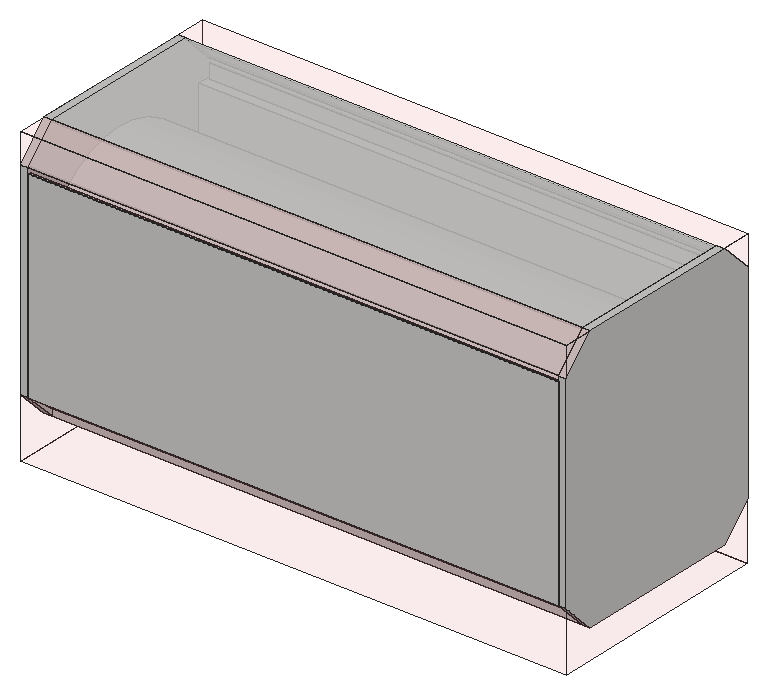
Revit family "Air-Curtain_Customer-Entry_PoweredAire_CED", category Mechanical Equipment, host Face, Revit 2019
Family settings
  Host = Face
  Round Connector Dimension = Use Diameter
  Part Type = Normal
  OmniClass Number = 23.75.35.17.21
  OmniClass Title = Air Curtains
  Cut with Voids When Loaded = No
  Shared = No
  Room Calculation Point = No
Parameters
  Warranty Duration (Years) = 0
  Unit Width Notes = "Other Widths available."  # constant formula
  Unit Width = 3' - 0"
  Unit Weight = 0
  Unit Height = 1' - 3"
  Unit Depth = 1' - 5 1/2"
  URL = "http://www.poweredaire.com/"
  Test Data = ""
  Temperature Rise_Range = "as Specified"
  Standards Conformance = "as Specified"
  Specification = "http://www.arcat.com/sdspecs/htm04/23_34_33pai.htm"
  SpecWizard = ""
  Sound Pressure = "as Specified"
  Sales Information = "http://www.poweredaire.com/contact_us"
  Revision = "R1_2016-08"
  Projection from Host [instance] = 0' - 2"
  Product Properties = ""
  Product Data = "http://www.arcat.com/arcatcos/cos47/arc47623.html"
  Power Rating = 0 W
  Outlet Volume_Range = "as Specified"
  Outlet Velocity_Range = "as Specified"
  Nozzle Width = if(1 = 1, Unit Width - 0' 1", 0' 0")  # 2' - 11"
  Mounting Width = if(1 = 1, Unit Width - 0' 0 15/16", 0' 0")  # 2' - 11 1/16"
  Mounting Height [instance] = 3' - 6"
  Motor RPM = 0
  Motor HP = 0
  Motor Count = 0
  Model = "As Specified"
  Max Height = 0' - 0"
  Manufacturer Website = "http://www.poweredaire.com/"
  Manufacturer Phone - Toll Free = "888-321-2473"
  Manufacturer Phone = "724-588-3305"
  Manufacturer Fax = "724-588-3371"
  Manufacturer Address = "109 Mortensen Rd.  Greenville, PA 16125"
  Manufacturer = "Powered Aire, Inc"
  Maintenance Schedule (Months) = 0
  Keynote = "23 34 33"
  Installation-Fabrication = ""
  Installation Phase = ""
  Include Clearance [instance] = yes
  Heating Element Load = 0 W
  HVAC_Temperature Rise [instance] = 0 °F
  HVAC_Outlet Volume [instance] = 0 CFM
  HVAC_Outlet Velocity Uniformity = 0
  HVAC_Outlet Velocity [instance] = 0 FPM
  Green Building-LEED = "http://www.arcat.com/green/clients/leed_data_47623.html"
  Front Grating Material [instance] = Metal - Steel - PoweredAire - Stainless 304 Perforated
  Frame Finish [instance] = Metal - Steel - PoweredAire - Stainless 304
  Expected Lifespan (Years) = 0
  Electrical_Wattage [instance] = Power Rating + Heating Element Load  # 0 W
  Electrical_Voltage [instance] = 0 V
  Electrical_Phase [instance] = 1
  Electrical_Frequency [instance] = 0 Hz
  Electrical_Amperage [instance] = 0 A
  Drawn By = "Sumex Design, Inc. / Robert S. Weygant, CSI, CDT, SCIP"
  Description = "Powered Aire Air Curtain as Specified"
  Default Elevation = 0' - 0"  # constant formula
  Copyright = "©Arcat Inc."
  Construction Details = "http://www.arcat.com/details/powair/prod3336.html"
  Clearance_Top [instance] = 0' - 0"
  Clearance_Side B [instance] = 0' - 0"
  Clearance_Side A [instance] = 0' - 0"
  Clearance_Intake [instance] = 0' - 0"
  Clearance_Bottom [instance] = 0' - 0"
  Clearance Material [instance] = ARCAT Clearance
  Building Codes = ""
  Available Options [instance] = "as Specified"
  Assembly Code = "D3090400"
Reference planes (in)
  plane 1 "Center (Elevation)": y = 0.13818
  plane 2: z = 0
  plane 3 "Center (Left/Right)": x = 0
  plane 4: y = 7.63818
  plane 5: y = -7.36182
  plane 6: x = -18
  plane 7: x = 18
  plane 8: z = 19.5
  plane 9 "FF": y = -41.86182
  plane 10: z = 2
  plane 11: x = 17.5
  plane 12: x = -17.5
  plane 13: y = 7.63818
  plane 14: y = -7.36182
  plane 15: x = -18
  plane 16: x = 18
  plane 17: z = 19.5
Forms (in)
  Extrusion 1, solid, material "Metal - Steel - PoweredAire - Stainless 304" <- "Frame Finish"
    sketch origin (0, 0, 0) x (0, 1, 0) y (0, 0, 1)
      loop
        line (5.69363, 2) -> (7.63818, 3.94454) -> (7.63818, 17.55546) -> (5.69363, 19.5) -> (-5.41728, 19.5) -> (-7.36182, 17.55546) -> (-7.36182, 3.94454) -> (-5.41728, 2) -> (5.69363, 2)
    from 17.5 to 18
  Extrusion 2, solid, material "Metal - Steel - PoweredAire - Stainless 304" <- "Frame Finish"
    sketch origin (0, 0, -0.5) x (0, 1, 0) y (0, 0, 1)
      loop
        circle (0.13818, 10.9739) r 6.25
      loop
        line (6.63818, 16.89427) -> (6.63818, 5.87829) -> (7.33849, 5.87829) -> (7.33849, 16.89427) -> (6.63818, 16.89427)
      loop
        line (-7.02798, 16.76927) -> (-7.02798, 5.75329) -> (-6.36182, 5.75329) -> (-6.36182, 16.76927) -> (-7.02798, 16.76927)
    from -17.5 to 17.5
  Extrusion 3, solid, material "Metal - Steel - PoweredAire - Stainless 304" <- "Frame Finish"
    sketch origin (0, 0, 0) x (0, 1, 0) y (0, 0, -1)
      loop
        line (5.69363, -2) -> (-5.41728, -2) -> (-7.36182, -3.94454) -> (-7.36182, -17.55546) -> (-5.41728, -19.5) -> (5.69363, -19.5) -> (7.63818, -17.55546) -> (7.63818, -3.94454) -> (5.69363, -2)
    from 17.5 to 18
  Extrusion 4, solid, material "Metal - Steel - PoweredAire - Stainless 304" <- "Frame Finish"
    sketch origin (0, 0, 0) x (0, 1, 0) y (0, 0, 1)
      loop
        line (-5.41728, 2) -> (5.69363, 2) -> (7.63818, 3.94454) -> (7.63818, 17.19454) -> (7.51318, 17.19454) -> (7.51318, 3.99632) -> (5.64186, 2.125) -> (-5.29228, 2.125) -> (-5.29228, 4.06954) -> (-7.23682, 4.06954) -> (-7.23682, 17.19454) -> (-7.36182, 17.19454) -> (-7.36182, 3.94454) -> (-5.41728, 3.94454) -> (-5.41728, 2)
      loop
        line (-6.64819, 3.61034) -> (-5.8702, 2.83235) -> (-5.74472, 2.95783) -> (-6.52271, 3.73583) -> (-6.64819, 3.61034)
    from -17.5 to 17.5
  Extrusion 5, solid, material "Metal - Steel - PoweredAire - Stainless 304 Perforated" <- "Front Grating Material"
    sketch origin (0, 0, 0) x (0, 1, 0) y (0, 0, 1)
      loop
        line (-7.36182, 17.19454) -> (-7.23682, 17.19454) -> (-7.23682, 17.50368) -> (-5.3655, 19.375) -> (5.64186, 19.375) -> (7.51318, 17.50368) -> (7.51318, 17.19454) -> (7.63818, 17.19454) -> (7.63818, 17.55546) -> (5.69363, 19.5) -> (-5.41728, 19.5) -> (-7.36182, 17.55546) -> (-7.36182, 17.19454)
    from -17.5 to 17.5
  Extrusion 6, solid, material "ARCAT Clearance" <- "Clearance Material", visible <- "Include Clearance"
    sketch origin (0, 0, 0) x (0, 1, 0) y (0, 0, 1)
      loop
        line (-7.36182, 19.5) -> (-7.36182, 0) -> (7.63818, 0) -> (7.63818, 19.5) -> (-7.36182, 19.5)
    from -18 to 18
Dimensions and locks (in)
  equal spacing: plane 4, plane 1 "Center (Elevation)", plane 5
  "Unit Height": plane 4 to plane 5
  equal spacing: plane 6, plane 3 "Center (Left/Right)", plane 7
  "Unit Width": plane 6 to plane 7
  "Mounting Height": plane 1 "Center (Elevation)" to plane 9 "FF"
  "Projection from Host": plane 10 to level
  "Unit Depth": plane 8 to plane 10
  locked: plane 6 to plane 12 at 0.5
  locked: plane 11 to plane 7 at 0.5
  "Clearance_Side A": plane 7 to plane 16
  "Clearance_Side B": plane 15 to plane 6
  "Clearance_Top": plane 13 to plane 4
  "Clearance_Bottom": plane 5 to plane 14
  "Clearance_Intake": plane 17 to plane 8
  aligned and locked: plane 2 to host face
  aligned and locked: level to host face
  aligned and locked: plane 7 to Extrusion 1
  aligned and locked: Extrusion 1 to plane 11
  aligned and locked: plane 12 to Extrusion 3
  aligned and locked: Extrusion 3 to plane 6
  aligned and locked: Extrusion 2 to plane 12
  aligned and locked: plane 11 to Extrusion 2
  aligned and locked: plane 11 to Extrusion 4
  aligned and locked: Extrusion 4 to plane 12
  aligned and locked: plane 11 to Extrusion 5
  aligned and locked: Extrusion 5 to plane 12
  aligned and locked: Extrusion 6 sketch curve to plane 17
  aligned and locked: plane 14 to Extrusion 6 sketch curve
  aligned and locked: level to Extrusion 6 sketch curve
  aligned and locked: Extrusion 6 sketch curve to plane 13
  aligned and locked: plane 16 to Extrusion 6
  aligned and locked: Extrusion 6 to plane 15
Automatic sketch dimensions
  host sketch curve to host sketch curve = 8' - 0"  (x2)
  Extrusion 1 sketch curve to plane 5 = 0' - 0"
  Extrusion 1 sketch curve to plane 8 = 0' - 0"
  Extrusion 1 sketch curve to plane 10 = 0' - 0"
  Extrusion 1 sketch curve to plane 4 = 0' - 0"
  plane 5 to Extrusion 1 sketch curve = 0' - 1.94454"  (x2)
  Extrusion 1 sketch curve to plane 4 = 0' - 1.94454"  (x2)
  plane 10 to Extrusion 1 sketch curve = 0' - 1.94454"  (x2)
  Extrusion 1 sketch curve to plane 8 = 0' - 1.94454"  (x2)
  Extrusion 2 sketch curve to plane 1 "Center (Elevation)" = 0' - 0"
  plane 5 to Extrusion 2 sketch curve = 0' - 1"
  plane 5 to Extrusion 2 sketch curve = 0' - 0.33384"
  Extrusion 2 sketch curve to plane 4 = 0' - 1"
  Extrusion 2 sketch curve to plane 4 = 0' - 0.29969"
  plane 10 to Extrusion 2 sketch curve = 0' - 3.37829"
  plane 10 to Extrusion 2 sketch curve = 0' - 3.25329"
  Extrusion 2 sketch curve to plane 8 = 0' - 9.0261"
  Extrusion 2 sketch curve to plane 8 = 0' - 3.23073"
  Extrusion 2 sketch curve to plane 8 = 0' - 3.10573"
  Extrusion 3 sketch curve to plane 5 = 0' - 0"
  Extrusion 3 sketch curve to plane 8 = 0' - 0"
  Extrusion 3 sketch curve to plane 10 = 0' - 0"
  Extrusion 3 sketch curve to plane 4 = 0' - 0"
  plane 5 to Extrusion 3 sketch curve = 0' - 1.94454"  (x2)
  Extrusion 3 sketch curve to plane 4 = 0' - 1.94454"  (x2)
  Extrusion 3 sketch curve to plane 8 = 0' - 1.94454"  (x2)
  plane 10 to Extrusion 3 sketch curve = 0' - 1.94454"  (x2)
  Extrusion 4 sketch curve to plane 5 = 0' - 0"
  Extrusion 4 sketch curve to plane 10 = 0' - 0"
  Extrusion 4 sketch curve to plane 4 = 0' - 0"
  plane 5 to Extrusion 4 sketch curve = 0' - 0 1/8"
  plane 5 to Extrusion 4 sketch curve = 0' - 0.71363"
  Extrusion 4 sketch curve to Extrusion 4 sketch curve = 0' - 0.12548"  (x2)
  Extrusion 4 sketch curve to Extrusion 4 sketch curve = 0' - 0.778"
  Extrusion 4 sketch curve to Extrusion 4 sketch curve = 0' - 0.32744"
  Extrusion 4 sketch curve to Extrusion 4 sketch curve = 0' - 0 1/8"  (x2)
  plane 10 to Extrusion 4 sketch curve = 0' - 0 1/8"
  Extrusion 4 sketch curve to plane 4 = 0' - 1.99632"
  Extrusion 4 sketch curve to Extrusion 4 sketch curve = 0' - 0.05178"  (x2)
  plane 10 to Extrusion 4 sketch curve = 0' - 0.83235"
  plane 10 to Extrusion 4 sketch curve = 0' - 1.94454"
  Extrusion 4 sketch curve to Extrusion 4 sketch curve = 0' - 0.3342"
  Extrusion 4 sketch curve to plane 4 = 0' - 0 1/8"
  Extrusion 4 sketch curve to plane 8 = 0' - 2.30546"  (x2)
  Extrusion 5 sketch curve to plane 5 = 0' - 0"
  Extrusion 5 sketch curve to plane 8 = 0' - 0"
  Extrusion 5 sketch curve to plane 4 = 0' - 0"
  plane 5 to Extrusion 5 sketch curve = 0' - 0 1/8"
  plane 5 to Extrusion 5 sketch curve = 0' - 1.94454"
  Extrusion 5 sketch curve to plane 8 = 0' - 0 1/8"
  Extrusion 5 sketch curve to Extrusion 5 sketch curve = 0' - 0.05178"  (x4)
  Extrusion 5 sketch curve to plane 4 = 0' - 1.99632"
  Extrusion 5 sketch curve to plane 8 = 0' - 1.94454"  (x2)
  Extrusion 5 sketch curve to Extrusion 5 sketch curve = 0' - 0 1/8"
  Extrusion 5 sketch curve to Extrusion 5 sketch curve = 0' - 0.30914"  (x2)
  radius of Extrusion 2 sketch curve = 0' - 6 1/4"
Connectors (in)
  electrical at (0, 7.63818, 10.56954), driven by "Electrical_Phase", driven by "Electrical_Voltage"
    settings: on Extrusion 4, index 1, voltage 0 V, apparent load 0 VA, apparent load phase1 0 VA, apparent load phase2 0 VA, apparent load phase3 0 VA, power factor 1, load classification "Motor", number of poles 1, system type 31, power factor state 1, is connector primary yes, connector utility no, sub classification motor no, connector description ""
